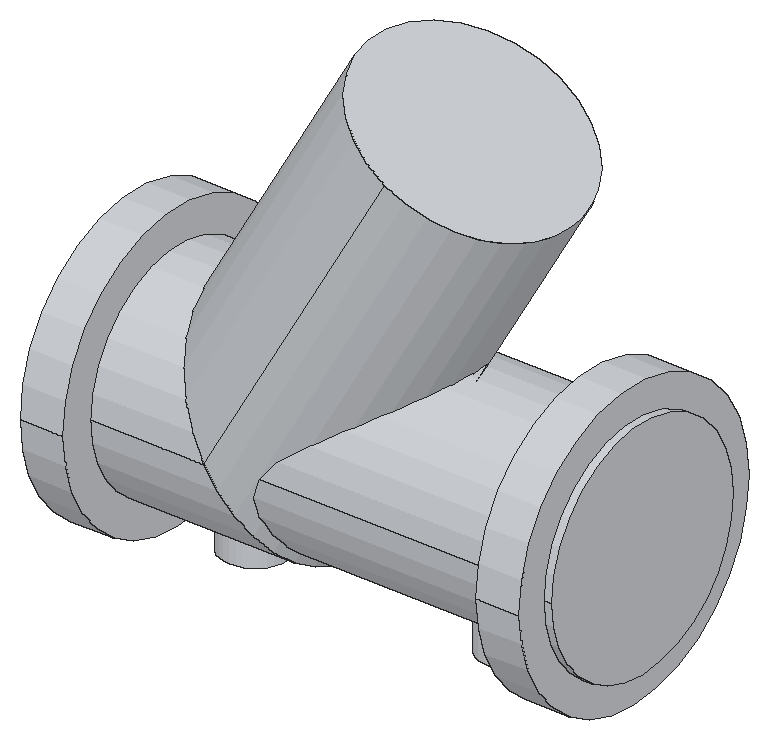
Revit family "HS 821-síto_standard-PN16-DN250-RFA_2019", category Pipe Accessories, Revit 2019
Family settings
  Round Connector Dimension = Use Diameter
  Part Type = Breaks Into
  Work Plane-Based = No
  Always vertical = Yes
  Cut with Voids When Loaded = No
  Shared = No
Parameters (values of type "821A-DN250-PN16-síto_standard")
  magiProductId = "05e37ed948c34047acdd4c42556504"
  magiProductFamilyId = "79214ac3aaa945e397802f559f5c1e"
  magiPartTypeId = 307
  isMeasuringValve [instance] = no
  ang2D [instance] = 0.00°
  ZB__ve = -ZB  # -62.75 mm
  ZB1 = 129.195 mm
  ZB = 62.75 mm
  X2 = 255.911 mm
  X1 = 102.2 mm
  W2D = 15 mm
  VersionID = "2.0/2017.9.26.1/ZETKAMA_821_001"
  Use Minimum Symbol Size [instance] = yes
  URL = "www.hydronix.cz"
  Type Comments = "Filtr přírubový; síto standardní; A-PN16 (-10~300°C); D-PN25 (-10~350°C); F-PN40 (-10~400°C)"
  S = 319 mm
  QmdConnectorList = "301;D;302;D"
  Productdata [instance] = ""
  Manufacturer = "Hydronix"
  MC Product Code = "200 194 (821A; DN250; PN16; kvs1234; oko síta 1,60mm)"
  LM1 = 58.4 mm
  LM = 584 mm
  L4 = 182.5 mm
  L2D_Min = 3048 mm
  L2D = 130 mm
  L2 = 365 mm
  HH2 = 443.25 mm
  FD = 405 mm
  Description = "Filtr přírubový; síto standardní; 821A-PN16; 821D-PN25; 821F-PN40"
  DM1 = 309.6 mm
  DM = 287.1 mm
  D = 250 mm
  CC = 12.41 mm
  CAT0 = yes
  C1 = 60.59 mm
  C = 73 mm
  BD = 90.436 mm
Types (40, lengths in mm): name | magiProductId | ZB__ve | ZB1 | ZB | X2 | X1 | S | MC Product Code | LM1 | LM | L4 | L2 | HH2 | FD | DM1 | DM | D | CC | C1 | C | BD
  821A-DN015-PN16-síto_standard | "a71bcfe8b393460598b23e8ddf7dc5" | -16.25 | 18.63 | 16.25 | 46.982 | 18.2 | 46 | "200 115 (821A; DN015; PN16; kvs6,3; oko síta 1,00mm)" | 10.4 | 104 | 32.5 | 65 | 81.375 | 95 | 27.6 | 41.4 | 15 | 2.21 | 10.79 | 13 | 13.041
  821A-DN020-PN16-síto_standard | "41cd6c7a12924f4991217528336076" | -17.75 | 22.68 | 17.75 | 51.673 | 21 | 56 | "200 120 (821A; DN020; PN16; kvs11,2; oko síta 1,00mm)" | 12 | 120 | 37.5 | 75 | 89.5 | 105 | 33.6 | 50.4 | 20 | 2.55 | 12.45 | 15 | 15.876
  821A-DN025-PN16-síto_standard | "be378b463ed14c3abf4c9b3ae8cf3a" | -19.25 | 26.325 | 19.25 | 58.601 | 22.4 | 65 | "200 125 (821A; DN025; PN16; kvs14,7; oko síta 1,00mm)" | 12.8 | 128 | 40 | 80 | 101.5 | 115 | 43.2 | 58.5 | 25 | 2.72 | 13.28 | 16 | 18.427
  821A-DN032-PN16-síto_standard | "227a0d18b21540afabe8b6067d35fa" | -23 | 30.78 | 23 | 68.849 | 25.2 | 76 | "200 132 (821A; DN032; PN16; kvs23,7; oko síta 1,00mm)" | 14.4 | 144 | 45 | 90 | 119.25 | 140 | 50.4 | 68.4 | 32 | 3.06 | 14.94 | 18 | 21.546
  821A-DN040-PN16-síto_standard | "d106917c74724141a10440112d0102" | -24.5 | 34.02 | 24.5 | 75.777 | 28 | 84 | "200 140 (821A; DN040; PN16; kvs37,7; oko síta 1,00mm)" | 16 | 160 | 50 | 100 | 131.25 | 150 | 60 | 75.6 | 40 | 3.4 | 16.6 | 20 | 23.814
  821A-DN050-PN16-síto_standard | "8255d456a09e4f6486734f5dd9171b" | -26.75 | 40.095 | 26.75 | 79.061 | 32.2 | 99 | "200 150 (821A; DN050 PN16; kvs57,9; oko síta 1,00mm)" | 18.4 | 184 | 57.5 | 115 | 136.938 | 165 | 73.8 | 89.1 | 50 | 3.91 | 19.09 | 23 | 28.066
  821A-DN065-PN16-síto_standard | "235b1b3e4c0843779a4d5e3716d40a" | -29.75 | 47.79 | 29.75 | 86.927 | 40.6 | 118 | "200 165 (821A; DN065; PN16; kvs101,5; oko síta 1,25mm)" | 23.2 | 232 | 72.5 | 145 | 150.562 | 185 | 94.2 | 106.2 | 65 | 4.93 | 24.07 | 29 | 33.453
  821A-DN080-PN16-síto_standard | "a067f7c5236348ed8c820d16df7214" | -32 | 53.46 | 32 | 104.753 | 43.4 | 132 | "200 180 (821A; DN080; PN16; kvs147,4; oko síta 1,25mm)" | 24.8 | 248 | 77.5 | 155 | 181.438 | 200 | 107.4 | 118.8 | 80 | 5.27 | 25.73 | 31 | 37.422
  821A-DN100-PN16-síto_standard | "c49a648c2747461285837d643703cd" | -35 | 63.18 | 35 | 114.857 | 49 | 156 | "200 190 (821A; DN100; PN16; kvs209,6; oko síta 1,60mm)" | 28 | 280 | 87.5 | 175 | 198.937 | 220 | 131.4 | 140.4 | 100 | 5.95 | 29.05 | 35 | 44.226
  821A-DN125-PN16-síto_standard | "bf68e728a163493cbd2a663b26ebdc" | -39.5 | 74.52 | 39.5 | 131.888 | 56 | 184 | "200 191 (821A; DN125; PN16; kvs326,2; oko síta 1,60mm)" | 32 | 320 | 100 | 200 | 228.438 | 250 | 165 | 165.6 | 125 | 6.8 | 33.2 | 40 | 52.164
  821A-DN150-PN16-síto_standard | "2de770284b654863ae6bc865769dc5" | -44.75 | 85.455 | 44.75 | 155.885 | 67.2 | 211 | "200 192 (821A; DN150; PN16; kvs403; oko síta 1,60mm)" | 38.4 | 384 | 120 | 240 | 270 | 285 | 192 | 189.9 | 150 | 8.16 | 39.84 | 48 | 59.818
  821A-DN200-PN16-síto_standard | "8e5693371ab64aabb29a7f08c76e15" | -53 | 107.73 | 53 | 188.361 | 84 | 266 | "200 193 (821A; DN200; PN16; kvs707; oko síta 1,60mm)" | 48 | 480 | 150 | 300 | 326.25 | 340 | 252 | 239.4 | 200 | 10.2 | 49.8 | 60 | 75.411
  821A-DN250-PN16-síto_standard | "05e37ed948c34047acdd4c42556504" | -62.75 | 129.195 | 62.75 | 255.911 | 102.2 | 319 | "200 194 (821A; DN250; PN16; kvs1234; oko síta 1,60mm)" | 58.4 | 584 | 182.5 | 365 | 443.25 | 405 | 309.6 | 287.1 | 250 | 12.41 | 60.59 | 73 | 90.436
  821A-DN300-PN16-síto_standard | "9ad0af747269428da925480d83ce80" | -71 | 149.85 | 71 | 325.914 | 119 | 370 | "200 195 (821A; DN300; PN16; kvs1916; oko síta 1,60mm)" | 68 | 680 | 212.5 | 425 | 564.5 | 460 | 369.6 | 333 | 300 | 14.45 | 70.55 | 85 | 104.895
  821A-DN350-PN16-síto_standard | "eebc71459bb3451bb4355e7951370a" | -80 | 173.745 | 80 | 356.875 | 137.2 | 429 | "200 196 (821A; DN350; PN16; kvs2621; oko síta 1,60mm)" | 78.4 | 784 | 245 | 490 | 618.125 | 520 | 438 | 386.1 | 350 | 16.66 | 81.34 | 98 | 121.621
  821A-DN400-PN16-síto_standard | "d2f677cb196647e385b2590e7d8abe" | -89 | 194.4 | 89 | 392.237 | 154 | 480 | "200 197 (821A; DN400; PN16; kvs3460; oko síta 1,60mm)" | 88 | 880 | 275 | 550 | 679.375 | 580 | 498 | 432 | 400 | 18.7 | 91.3 | 110 | 136.08
  821D-DN015-PN25-síto_standard | "27ddcbf555414f8ca1fde329bf9087" | -16.25 | 18.63 | 16.25 | 46.982 | 18.2 | 46 | "200 215 (821D; DN015; PN25; kvs6,3; oko síta 1,00mm)" | 10.4 | 104 | 32.5 | 65 | 81.375 | 95 | 27.6 | 41.4 | 15 | 2.21 | 10.79 | 13 | 13.041
  821D-DN020-PN25-síto_standard | "270e0f14012f47189cd0235c18faee" | -17.75 | 22.68 | 17.75 | 51.673 | 21 | 56 | "200 220 (821D; DN020; PN25; kvs11,2; oko síta 1,00mm)" | 12 | 120 | 37.5 | 75 | 89.5 | 105 | 33.6 | 50.4 | 20 | 2.55 | 12.45 | 15 | 15.876
  821D-DN025-PN25-síto_standard | "b9a7fb4aa36643878c637d8e1ab992" | -19.25 | 26.325 | 19.25 | 58.601 | 22.4 | 65 | "200 225 (821D; DN025; PN25; kvs14,7; oko síta 1,00mm)" | 12.8 | 128 | 40 | 80 | 101.5 | 115 | 43.2 | 58.5 | 25 | 2.72 | 13.28 | 16 | 18.427
  821D-DN032-PN25-síto_standard | "6be9a55c4e68400f94eec7e804204c" | -23 | 30.78 | 23 | 68.849 | 25.2 | 76 | "200 232 (821D; DN032; PN25; kvs23,7; oko síta 1,00mm)" | 14.4 | 144 | 45 | 90 | 119.25 | 140 | 50.4 | 68.4 | 32 | 3.06 | 14.94 | 18 | 21.546
  821D-DN040-PN25-síto_standard | "c54511bd7f584ec2984291479612cb" | -24.5 | 34.02 | 24.5 | 75.777 | 28 | 84 | "200 240 (821D; DN040; PN25; kvs37,7; oko síta 1,00mm)" | 16 | 160 | 50 | 100 | 131.25 | 150 | 60 | 75.6 | 40 | 3.4 | 16.6 | 20 | 23.814
  821D-DN050-PN25-síto_standard | "5483b1f596b04cd39b23a14a22c90e" | -26.75 | 40.095 | 26.75 | 79.061 | 32.2 | 99 | "200 250 (821D; DN050; PN25; kvs57,9; oko síta 1,00mm)" | 18.4 | 184 | 57.5 | 115 | 136.938 | 165 | 73.8 | 89.1 | 50 | 3.91 | 19.09 | 23 | 28.066
  821D-DN065-PN25-síto_standard | "767b0f8318e94750bc7a9930ed5b30" | -29.75 | 47.79 | 29.75 | 86.927 | 40.6 | 118 | "200 265 (821D; DN065; PN25; kvs101,5; oko síta 1,25mm)" | 23.2 | 232 | 72.5 | 145 | 150.562 | 185 | 94.2 | 106.2 | 65 | 4.93 | 24.07 | 29 | 33.453
  821D-DN080-PN25-síto_standard | "e21040fa3cc2404b858198f6b73709" | -32 | 53.46 | 32 | 104.753 | 43.4 | 132 | "200 280 (821D; DN080; PN25; kvs147,4; oko síta 1,25mm)" | 24.8 | 248 | 77.5 | 155 | 181.438 | 200 | 107.4 | 118.8 | 80 | 5.27 | 25.73 | 31 | 37.422
  821D-DN100-PN25-síto_standard | "175ca87a506b40b3bc6b82f12f33cf" | -37.25 | 63.18 | 37.25 | 114.857 | 49 | 156 | "200 290 (821D; DN100; PN25; kvs209,6; oko síta 1,60mm)" | 28 | 280 | 87.5 | 175 | 198.937 | 235 | 131.4 | 140.4 | 100 | 5.95 | 29.05 | 35 | 44.226
  821D-DN125-PN25-síto_standard | "77cc98d60da24855999a22dff726b2" | -42.5 | 74.52 | 42.5 | 131.888 | 56 | 184 | "200 291 (821D; DN125; PN25; kvs326,2; oko síta 1,60mm)" | 32 | 320 | 100 | 200 | 228.438 | 270 | 165 | 165.6 | 125 | 6.8 | 33.2 | 40 | 52.164
  821D-DN150-PN25-síto_standard | "9cf8acfcd15547d68e83172d3abcbe" | -47 | 85.455 | 47 | 155.885 | 67.2 | 211 | "200 292 (821D; DN150; PN25; kvs403; oko síta 1,60mm)" | 38.4 | 384 | 120 | 240 | 270 | 300 | 192 | 189.9 | 150 | 8.16 | 39.84 | 48 | 59.818
  821D-DN200-PN25-síto_standard | "16973f3c9ea14389ba8602495a6b64" | -56 | 110.97 | 56 | 188.361 | 84 | 274 | "200 293 (821D; DN200; PN25; kvs707; oko síta 1,60mm)" | 48 | 480 | 150 | 300 | 326.25 | 360 | 252 | 246.6 | 200 | 10.2 | 49.8 | 60 | 77.679
  821F-DN015-PN40-síto_standard | "4c7eaf3c4c0340888b3e684d8a8616" | -16.25 | 18.225 | 16.25 | 46.982 | 18.2 | 45 | "240 615 (821F; DN015; PN40; kvs6,3; oko síta 1,00mm)" | 10.4 | 104 | 32.5 | 65 | 81.375 | 95 | 27.6 | 40.5 | 15 | 2.21 | 10.79 | 13 | 12.757
  821F-DN020-PN40-síto_standard | "aaac5f1ec96b44d6ba96ac2293d66d" | -17.75 | 23.49 | 17.75 | 51.673 | 21 | 58 | "240 620 (821F; DN020; PN40; kvs11,2; oko síta 1,00mm)" | 12 | 120 | 37.5 | 75 | 89.5 | 105 | 33.6 | 52.2 | 20 | 2.55 | 12.45 | 15 | 16.443
  821F-DN025-PN40-síto_standard | "504768023968471481789485b54c7e" | -19.25 | 27.54 | 19.25 | 58.601 | 22.4 | 68 | "240 625 (821F; DN025; PN40; kvs14,7; oko síta 1,00mm)" | 12.8 | 128 | 40 | 80 | 101.5 | 115 | 43.2 | 61.2 | 25 | 2.72 | 13.28 | 16 | 19.278
  821F-DN032-PN40-síto_standard | "165e7f39cf744f329bdf1c400dad12" | -23 | 31.59 | 23 | 68.849 | 25.2 | 78 | "240 632 (821F; DN032; PN40; kvs23,7; oko síta 1,00mm)" | 14.4 | 144 | 45 | 90 | 119.25 | 140 | 50.4 | 70.2 | 32 | 3.06 | 14.94 | 18 | 22.113
  821F-DN040-PN40-síto_standard | "b8903f952089408fbf3a5a632bab1f" | -24.5 | 35.64 | 24.5 | 75.777 | 28 | 88 | "240 640 (821F; DN040; PN40; kvs37,7; oko síta 1,00mm)" | 16 | 160 | 50 | 100 | 131.25 | 150 | 60 | 79.2 | 40 | 3.4 | 16.6 | 20 | 24.948
  821F-DN050-PN40-síto_standard | "c451f97266fe48da8f879cb6a2bd44" | -26.75 | 41.31 | 26.75 | 79.061 | 32.2 | 102 | "240 650 (821F; DN050; PN40; kvs57,9; oko síta 1,00mm)" | 18.4 | 184 | 57.5 | 115 | 136.938 | 165 | 73.8 | 91.8 | 50 | 3.91 | 19.09 | 23 | 28.917
  821F-DN065-PN40-síto_standard | "dc9821e3f9b34e128f6a8c6b34c198" | -29.75 | 49.41 | 29.75 | 86.927 | 40.6 | 122 | "240 665 (821F; DN065; PN40; kvs101,5; oko síta 1,25mm)" | 23.2 | 232 | 72.5 | 145 | 150.562 | 185 | 94.2 | 109.8 | 65 | 4.93 | 24.07 | 29 | 34.587
  821F-DN080-PN40-síto_standard | "689aa1e260f84cf4994f027a1d86b5" | -32 | 55.89 | 32 | 104.753 | 43.4 | 138 | "240 680 (821F; DN080; PN40; kvs147,4; oko síta 1,25mm)" | 24.8 | 248 | 77.5 | 155 | 181.438 | 200 | 107.4 | 124.2 | 80 | 5.27 | 25.73 | 31 | 39.123
  821F-DN100-PN40-síto_standard | "8a45d4e8e2ab425f8c432f21d684f3" | -37.25 | 65.61 | 37.25 | 114.857 | 49 | 162 | "240 690 (821F; DN100; PN40; kvs209,6; oko síta 1,6mm)" | 28 | 280 | 87.5 | 175 | 198.937 | 235 | 131.4 | 145.8 | 100 | 5.95 | 29.05 | 35 | 45.927
  821F-DN125-PN40-síto_standard | "cf073904c006406b8645afa67ea2fc" | -42.5 | 76.14 | 42.5 | 131.888 | 56 | 188 | "240 691 (821F; DN125; PN40; kvs326,2; oko síta 1,6mm)" | 32 | 320 | 100 | 200 | 228.438 | 270 | 165 | 169.2 | 125 | 6.8 | 33.2 | 40 | 53.298
  821F-DN150-PN40-síto_standard | "0153b9ddabe14992a630484929fdbc" | -47 | 88.29 | 47 | 155.885 | 67.2 | 218 | "240 692 (821F; DN150; PN40; kvs403; oko síta 1,6mm)" | 38.4 | 384 | 120 | 240 | 270 | 300 | 192 | 196.2 | 150 | 8.16 | 39.84 | 48 | 61.803
  821F-DN200-PN40-síto_standard | "7fb3fc01dd8d42428c203e3f8dd4d5" | -56 | 115.425 | 56 | 188.361 | 84 | 285 | "240 693 (821F; DN200; PN40; kvs707; oko síta 1,6mm)" | 48 | 480 | 150 | 300 | 326.25 | 360 | 252 | 256.5 | 200 | 10.2 | 49.8 | 60 | 80.797
Reference planes
  plane 1 "Center (Front/Back)": y = 0
  plane 2 "XYPLANE": z = 0
  plane 3 "Center (Left/Right)": x = 0
  plane 4 "109": x = -233.6
  plane 5 "108": x = 292
  plane 6 "107": x = -292
  plane 7 "105": x = 365
  plane 8 "104": x = -365
  plane 9 "103": y = 0
  plane 10 "102": z = 0
  plane 11 "101": x = -352.59
  plane 12 "100": x = 352.59
  plane 13 "11": x = -131.4
  plane 14 "10": z = 443.25
  plane 15 "9": x = 124.511
  plane 16 "5": z = -129.195
  plane 17 "4": x = -182.5
  plane 18 "1": x = 182.5
Forms (mm)
  Extrusion 1, solid, visible <- "CAT0"
    sketch origin (-292, -750, 0) x (0, 1, 0) y (0, 0, 1)
      loop
        circle (750, 0) r 143.55
    from 0 to 584 <- "LM"
  Extrusion 2, solid
    sketch origin (-365, -750, 0) x (0, 1, 0) y (0, 0, 1)
      loop
        circle (750, 0) r 159.5
    from 0 to 12.41 <- "CC"
  Extrusion 3, solid
    sketch origin (-352.59, -750, 0) x (0, 1, 0) y (0, 0, 1)
      loop
        circle (750, 0) r 202.5
    from 0 to 60.59 <- "C1"
  Extrusion 4, solid
    sketch origin (292, -750, 0) x (0, 1, 0) y (0, 0, 1)
      loop
        circle (750, 0) r 202.5
    from 0 to 60.59 <- "C1"
  Extrusion 5, solid
    sketch origin (352.59, -750, 0) x (0, 1, 0) y (0, 0, 1)
      loop
        circle (750, 0) r 159.5
    from 0 to 12.41 <- "CC"
  Sweep 6, solid, visible <- "CAT0"
    path origin (750, 0, 0) x (-1, 0, 0) y (0, 0, 1)
      loop
        line (1042, 0) -> (881.4, 0) -> (625.489, 443.25)
    profile origin (-292, 0, 0) x (0, 0, -1) y (0, 1, 0)
      loop
        circle (0, 0) r 154.8
  Extrusion 7, solid, visible <- "CAT0"
    sketch origin (-750, 0, -129.195) x (1, 0, 0) y (0, 1, 0)
      loop
        circle (567.5, 0) r 45.218
    from 0 to -62.75 <- "ZB__ve"
  Extrusion 8, solid, visible <- "CAT0"
    sketch origin (-750, 0, -129.195) x (1, 0, 0) y (0, 1, 0)
      loop
        circle (932.5, 0) r 45.218
    from 0 to -62.75 <- "ZB__ve"
  Extrusion 9, solid, not visible
    sketch origin (365, -750, 0) x (0, 1, 0) y (0, 0, 1)
      loop
        circle (750, 0) r 10
    from 0 to -10
  Extrusion 10, solid, not visible
    sketch origin (-365, -750, 0) x (0, 1, 0) y (0, 0, 1)
      loop
        circle (750, 0) r 10
    from 0 to 10
Lines and regions (mm)
  reference lines, not visible
    curve 1: circle (2, 2, 0) r 1 normal (0, 0, 1)
Dimensions and locks
  plane 1 "Center (Front/Back)" to curve 1 = 2 mm
  "LM1": plane 6 "107" to plane 4 "109"
  "LM": plane 6 "107" to plane 5 "108"
  "C": plane 8 "104" to plane 6 "107"
  "L2": plane 3 "Center (Left/Right)" to plane 7 "105"
  "L2": plane 3 "Center (Left/Right)" to plane 8 "104"
  locked: plane 1 "Center (Front/Back)" to plane 9 "103"
  locked: plane 2 "XYPLANE" to plane 10 "102"
  "CC": plane 8 "104" to plane 11 "101"
  "C1": plane 5 "108" to plane 12 "100"
  "X1": plane 4 "109" to plane 13 "11"
  "HH2": plane 2 "XYPLANE" to plane 14 "10"
  "X2": plane 13 "11" to plane 15 "9"
  "ZB1": plane 2 "XYPLANE" to plane 16 "5"
  "L4": plane 8 "104" to plane 17 "4"
  "L2": plane 17 "4" to plane 18 "1"
  Sweep 6 sketch curve to Sweep 6 sketch curve = 0 mm  (x2)
  "DM": diameter of Extrusion 1 sketch curve
  "S": diameter of Extrusion 2 sketch curve
  "FD": diameter of Extrusion 3 sketch curve
  "FD": diameter of Extrusion 4 sketch curve
  "S": diameter of Extrusion 5 sketch curve
  "DM1": diameter of Sweep 6 sketch curve
  "BD": diameter of Extrusion 7 sketch curve
  "BD": diameter of Extrusion 8 sketch curve
  aligned and locked: level to plane 2 "XYPLANE"
  aligned and locked: Extrusion 1 sketch curve to plane 9 "103"
  aligned and locked: plane 10 "102" to Extrusion 1 sketch curve
  aligned and locked: Extrusion 2 sketch curve to plane 9 "103"
  aligned and locked: plane 10 "102" to Extrusion 2 sketch curve
  aligned and locked: Extrusion 3 sketch curve to plane 9 "103"
  aligned and locked: plane 10 "102" to Extrusion 3 sketch curve
  aligned and locked: Extrusion 4 sketch curve to plane 9 "103"
  aligned and locked: plane 10 "102" to Extrusion 4 sketch curve
  aligned and locked: Extrusion 5 sketch curve to plane 9 "103"
  aligned and locked: plane 10 "102" to Extrusion 5 sketch curve
  aligned and locked: Sweep 6 sketch curve to plane 9 "103"
  aligned and locked: plane 10 "102" to Sweep 6 sketch curve  (x3)
  aligned and locked: plane 6 "107" to Sweep 6 sketch curve
  aligned and locked: plane 13 "11" to Sweep 6 sketch curve
  aligned and locked: plane 14 "10" to Sweep 6 sketch curve
  aligned and locked: plane 15 "9" to Sweep 6 sketch curve
  aligned and locked: plane 9 "103" to Extrusion 7 sketch curve
  aligned and locked: plane 17 "4" to Extrusion 7 sketch curve
  aligned and locked: plane 9 "103" to Extrusion 8 sketch curve
  aligned and locked: plane 18 "1" to Extrusion 8 sketch curve
  aligned and locked: Extrusion 9 sketch curve to plane 9 "103"
  aligned and locked: plane 10 "102" to Extrusion 9 sketch curve
  aligned and locked: Extrusion 10 sketch curve to plane 9 "103"
  aligned and locked: plane 10 "102" to Extrusion 10 sketch curve
Automatic sketch dimensions
  plane 1 "Center (Front/Back)" to Extrusion 9 sketch curve = 10 mm
  plane 1 "Center (Front/Back)" to Extrusion 10 sketch curve = 10 mm
  plane 3 "Center (Left/Right)" to curve 1 = 2 mm
  radius of curve 1 = 1 mm
Connectors
  piping at (-365, 0, 0), diameter 250, driven by "D"
    settings: on Extrusion 10, index 1, connector inside diameter 609.6 mm, connector length 0 mm, flow factor 0, pipe flow 0.0 L/s, pressure drop 0.0 Pa, fitting loss kfactor 0, connector angle 0.00°, fixture units 0, engagement length 0 mm, angle of deflection 0.00°, flow configuration 0, flow direction 0, fitting loss method 0, system type 29, joint type 0, gender type 0, connector reference index 2, connector utility 0, adjustable connector no, is connector primary yes, connector description ""
  piping at (365, 0, 0), diameter 250, driven by "D"
    settings: on Extrusion 9, index 2, connector inside diameter 609.6 mm, connector length 0 mm, flow factor 0, pipe flow 0.0 L/s, pressure drop 0.0 Pa, fitting loss kfactor 0, connector angle 0.00°, fixture units 0, engagement length 0 mm, angle of deflection 0.00°, flow configuration 0, flow direction 0, fitting loss method 0, system type 29, joint type 0, gender type 0, connector reference index 1, connector utility 0, adjustable connector no, is connector primary no, connector description ""
